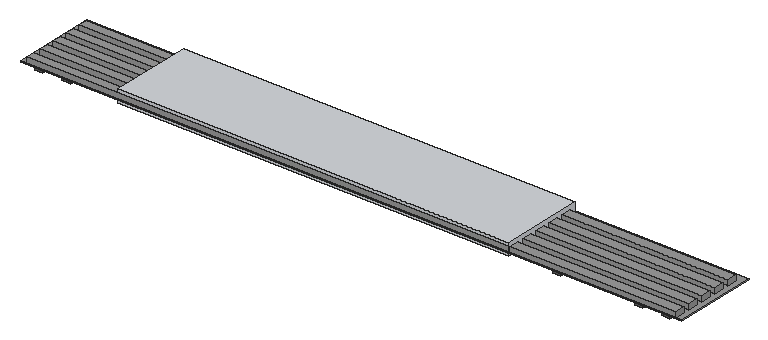
Revit family "2112-5, Solid", category Generic Models, host Face, Revit 2020
Family settings
  Host = Face
  Can host rebar = No
  Round Connector Dimension = Use Diameter
  Part Type = Normal
  Cut with Voids When Loaded = No
  Shared = No
  Room Calculation Point = No
Parameters
  min_value [instance] = 1' - 11 1/4"  # constant formula
  max_value [instance] = 11' - 11 1/4"  # constant formula
  actual_value [instance] = if(NET LENGTH < min_value, min_value, if(NET LENGTH > max_value, max_value, NET LENGTH))  # 7' - 11 1/4"
  SCRIM MATERIAL [instance] = SCRIM
  SCRIM [instance] = yes
  NET LENGTH [instance] = 7' - 11 1/4"
  Default Elevation = 4' - 0"
  BACKER MATERIAL [instance] = BLACK-BACKERS
  .. MEMBER WIDTH [instance] = 0' - 1 3/8"  # constant formula
  .. MEMBER MATERIAL [instance] = Solid Western Hemlock
  .. MEMBER LENGTH [instance] = actual_value  # 7' - 11 1/4"
  .. MEMBER DEPTH [instance] = 0' - 0 3/4"  # constant formula
  .. MEMBER COUNT [instance] = 5  # constant formula
  IMPORTANT NOTE!!!                                                                             *Backer layout is for visualization purposes only, final layout to be determined by 9Wood. [instance] = ""
Reference planes (in)
  plane 1 "Center (Front/Back)": y = 0
  plane 2: z = 1.82209
  plane 3 "Center (Left/Right)": x = 0
Forms (in)
  Extrusion 1, solid
    sketch origin (132, -33.80483, 0) x (1, 0, 0) y (0, 1, 0)
      loop
        line (-118.625, 33.80483) -> (-61.26146, 33.80483) -> (-61.26146, 45.86733) -> (-118.625, 45.86733) -> (-118.625, 33.80483)
    from 1.82209 to 0
Dimensions and locks (in)
  aligned and locked: Extrusion 1 to plane 2
  aligned and locked: plane 3 "Center (Left/Right)" to nested 1
Nested families (in)
  nested 1: "1100 SERIES CONFIG" at (0, 2, 0), .. MEMBER DEPTH <- ".. MEMBER DEPTH", .. MEMBER LENGTH <- ".. MEMBER LENGTH", .. MEMBER WIDTH <- ".. MEMBER WIDTH", .. MEMBER MATERIAL <- ".. MEMBER MATERIAL", BACKING M MATERIAL <- "BACKER MATERIAL", SCRIM  MATERIAL <- "SCRIM MATERIAL", .. MEMBER COUNT <- ".. MEMBER COUNT", SCRIM <- "SCRIM", type "1100 SERIES CONFIG"
    with X 7' - 8", SCRIM OVERHANG 2 0' - 0 3/32", SCRIM OVERHANG 0' - 0 7/8", SCRIM LENGTH 8' - 1", SCRIM  MATERIAL SCRIM, SCRIM yes, NOMINAL LENGTH 7, N 8, Inset 6' - 0 3/8", INSET 0' - 1", INDEX 0' - 5 5/8", HALF MEMBER WIDTH 0' - 0 11/16", HALF LENGTH 3' - 11 5/8", END BACKER yes, BACKING M WIDTH 0' - 1 1/4", BACKING M OC SPACING 1' - 0", BACKING M MATERIAL BLACK-BACKERS, BACKING M LENGTH 0' - 11 7/8", BACKING M DEPTH 0' - 0 1/2", BACKING M COUNT 8, 3/16" INSET 0' - 0 3/16", .. MEMBER WIDTH 0' - 1 3/8", .. MEMBER OC SPACING 0' - 2.4", .. MEMBER MATERIAL Solid Western Hemlock, .. MEMBER LENGTH 7' - 11 1/4", .. MEMBER DEPTH 0' - 0 3/4", .. MEMBER COUNT 5
Definition of nested family "1100 SERIES CONFIG"
  Parameters (values of type "1100 SERIES CONFIG")
    X [instance] = .. MEMBER LENGTH - 0' 3 1/4"  # 5' - 5"
    SCRIM OVERHANG 2 [instance] = 0' - 0 3/32"  # constant formula
    SCRIM OVERHANG [instance] = 0' - 0 7/8"  # constant formula
    SCRIM LENGTH [instance] = .. MEMBER LENGTH + (SCRIM OVERHANG * 2)  # 5' - 10"
    SCRIM  MATERIAL [instance] = none
    SCRIM [instance] = yes
    NOMINAL LENGTH [instance] = 7
    N [instance] = if((X - (rounddown(X / 1' 0") * 1' 0")) > 1' 0", rounddown(X / 1' 0") + 2, rounddown(X / 1' 0") + 1)  # 6
    Inset [instance] = 6' - 0 3/8"  # constant formula
    INSET [instance] = 0' - 1"  # constant formula
    END BACKER [instance] = INDEX > 0' 3 5/8"  # yes
    INDEX [instance] = (.. MEMBER LENGTH - ((N - 1) * 1' 0")) / 2  # 0' - 4 1/8"
    HALF MEMBER WIDTH [instance] = .. MEMBER WIDTH / 2  # 0' - 0 5/16"
    HALF LENGTH [instance] = .. MEMBER LENGTH / 2  # 2' - 10 1/8"
    Default Elevation = 0' - 0"
    BACKING M WIDTH [instance] = 0' - 1 1/4"
    BACKING M SPACING = 3' - 3"
    BACKING M MATERIAL [instance] = none
    BACKING M LENGTH [instance] = 0' - 11 7/8"
    BACKING M DEPTH [instance] = 0' - 0 1/2"
    BACKING M COUNT [instance] = N  # 6
    BACKING M OC SPACING [instance] = 1' - 0"  # constant formula
    3/16" INSET [instance] = 0' - 0 3/16"  # constant formula
    .. MEMBER WIDTH [instance] = 0' - 0 5/8"
    .. MEMBER OC SPACING [instance] = 1' 0" / .. MEMBER COUNT  # 0' - 4"
    .. MEMBER MATERIAL [instance] = none
    .. MEMBER LENGTH [instance] = 5' - 8 1/4"
    .. MEMBER DEPTH [instance] = 0' - 1 3/8"
    .. MEMBER COUNT [instance] = 3
  Reference planes (in)
    plane 1 "Center (Front/Back)": y = -2
    plane 2: z = 0
    plane 3 "Center (Left/Right)": x = 0
    plane 4: x = 1
    plane 5: x = 4.125
    plane 6: x = 34.125
    plane 7: x = 68.25
    plane 8: x = 67.25
    plane 9: x = 16.125
    plane 10: y = -1.8125
    plane 11: y = -1.6875
    plane 12: y = 2.3125
    plane 13: x = 69.125
    plane 14: x = -0.875
    plane 15: z = 0.5
    plane 16: z = 0.5625
    plane 17: y = 10.0625
    plane 18: y = 10.15625
    plane 19: y = -2.09375
  Dimensions and locks (in)
    "INSET": plane 3 "Center (Left/Right)" to plane 4
    "INDEX": plane 3 "Center (Left/Right)" to plane 5
    "HALF LENGTH": plane 3 "Center (Left/Right)" to plane 6
    ".. MEMBER LENGTH": plane 3 "Center (Left/Right)" to plane 7
    "INSET": plane 8 to plane 7
    equal spacing: group 2, group 3, group 6, group 7, group 8, group 9  (x3)
    "3/16" INSET": plane 1 "Center (Front/Back)" to plane 10
    ".. MEMBER OC SPACING": plane 12 to plane 11
    "SCRIM OVERHANG": plane 14 to plane 3 "Center (Left/Right)"
    "SCRIM OVERHANG": plane 7 to plane 13
    equal spacing: group 1, group 4, group 5  (x2)
    equal spacing: group 5, group 4, group 1
    "HALF MEMBER WIDTH": plane 1 "Center (Front/Back)" to plane 11
    "BACKING M OC SPACING": plane 5 to plane 9
    "SCRIM OVERHANG 2": plane 18 to plane 17
    "SCRIM OVERHANG 2": plane 19 to plane 1 "Center (Front/Back)"
    aligned and locked: level to plane 2
    aligned and locked: plane 6 to nested 1
    aligned and locked: nested 2 to plane 4
    aligned and locked: plane 5 to nested 3
    aligned and locked: plane 1 "Center (Front/Back)" to nested 1
    aligned and locked: nested 2 to plane 10
    aligned and locked: nested 3 to plane 10
    aligned and locked: nested 5 to plane 10
    aligned and locked: nested 4 to plane 10
    aligned and locked: nested 6 to plane 14
    aligned and locked: plane 12 to nested 7
    aligned and locked: nested 7 to plane 3 "Center (Left/Right)"
    aligned and locked: plane 9 to nested 5
    aligned and locked: plane 8 to nested 4
    aligned and locked: plane 15 to nested 2
    aligned and locked: nested 6 to plane 15
    aligned and locked: nested 1 to plane 16
    aligned and locked: nested 7 to plane 16
    aligned and locked: nested 6 to plane 19
  Nested families (in)
    nested 1: "INSTANCE - Parametric Cube" at (34.125, -1.6875, 1.9375), Length <- ".. MEMBER WIDTH", Height <- ".. MEMBER DEPTH", Width <- ".. MEMBER LENGTH", Material <- ".. MEMBER MATERIAL", type "INSTANCE - Parametric Cube"
      with Width 5' - 8 1/4", Material none, Length 0' - 0 5/8", Height 0' - 1 3/8"
    nested 2: "2ND INSTANCE - Parametric Cube" at (1.625, 4.125, 0), Height <- "BACKING M DEPTH", Length <- "BACKING M LENGTH", Width <- "BACKING M WIDTH", Material <- "BACKING M MATERIAL", visible <- "END BACKER", type "2ND INSTANCE - Parametric Cube"
      with Width 0' - 1 1/4", Material none, Length 0' - 11 7/8", Height 0' - 0 1/2"
    nested 3: "2ND INSTANCE - Parametric Cube" at (4.125, 4.125, 0), Length <- "BACKING M LENGTH", Height <- "BACKING M DEPTH", Width <- "BACKING M WIDTH", Material <- "BACKING M MATERIAL", type "2ND INSTANCE - Parametric Cube"
      with Width 0' - 1 1/4", Material none, Length 0' - 11 7/8", Height 0' - 0 1/2"
    nested 4: "2ND INSTANCE - Parametric Cube" at (66.625, 4.125, 0), Width <- "BACKING M WIDTH", Length <- "BACKING M LENGTH", Height <- "BACKING M DEPTH", Material <- "BACKING M MATERIAL", visible <- "END BACKER", type "2ND INSTANCE - Parametric Cube"
      with Width 0' - 1 1/4", Material none, Length 0' - 11 7/8", Height 0' - 0 1/2"
    nested 5: "2ND INSTANCE - Parametric Cube" at (16.125, 4.125, 0), Length <- "BACKING M LENGTH", Height <- "BACKING M DEPTH", Width <- "BACKING M WIDTH", Material <- "BACKING M MATERIAL", type "2ND INSTANCE - Parametric Cube"
      with Width 0' - 1 1/4", Material none, Length 0' - 11 7/8", Height 0' - 0 1/2"
    nested 6: "3RD INSTANCE - Parametric Cube" at (34.125, 4.0445, 0.5), Width <- "SCRIM LENGTH", Material <- "SCRIM  MATERIAL", visible <- "SCRIM", type "3RD INSTANCE - Parametric Cube"
      with Width 5' - 10", Material none, Length 1' - 0.27649", Height 0' - 0 1/16"
    nested 7: "INSTANCE - Parametric Cube" at (34.125, 2.3125, 1.9375), Length <- ".. MEMBER WIDTH", Height <- ".. MEMBER DEPTH", Width <- ".. MEMBER LENGTH", Material <- ".. MEMBER MATERIAL", type "INSTANCE - Parametric Cube"
      with Width 5' - 8 1/4", Material none, Length 0' - 0 5/8", Height 0' - 1 3/8"
    nested 8: "INSTANCE - Parametric Cube" at (34.125, 6.3125, 1.9375), Length <- ".. MEMBER WIDTH", Height <- ".. MEMBER DEPTH", Width <- ".. MEMBER LENGTH", Material <- ".. MEMBER MATERIAL", type "INSTANCE - Parametric Cube"
      with Width 5' - 8 1/4", Material none, Length 0' - 0 5/8", Height 0' - 1 3/8"
    nested 9: "2ND INSTANCE - Parametric Cube" at (28.125, 4.125, 0), Length <- "BACKING M LENGTH", Height <- "BACKING M DEPTH", Width <- "BACKING M WIDTH", Material <- "BACKING M MATERIAL", type "2ND INSTANCE - Parametric Cube"
      with Width 0' - 1 1/4", Material none, Length 0' - 11 7/8", Height 0' - 0 1/2"
    nested 10: "2ND INSTANCE - Parametric Cube" at (40.125, 4.125, 0), Length <- "BACKING M LENGTH", Height <- "BACKING M DEPTH", Width <- "BACKING M WIDTH", Material <- "BACKING M MATERIAL", type "2ND INSTANCE - Parametric Cube"
      with Width 0' - 1 1/4", Material none, Length 0' - 11 7/8", Height 0' - 0 1/2"
    nested 11: "2ND INSTANCE - Parametric Cube" at (52.125, 4.125, 0), Length <- "BACKING M LENGTH", Height <- "BACKING M DEPTH", Width <- "BACKING M WIDTH", Material <- "BACKING M MATERIAL", type "2ND INSTANCE - Parametric Cube"
      with Width 0' - 1 1/4", Material none, Length 0' - 11 7/8", Height 0' - 0 1/2"
    nested 12: "2ND INSTANCE - Parametric Cube" at (64.125, 4.125, 0), Length <- "BACKING M LENGTH", Height <- "BACKING M DEPTH", Width <- "BACKING M WIDTH", Material <- "BACKING M MATERIAL", type "2ND INSTANCE - Parametric Cube"
      with Width 0' - 1 1/4", Material none, Length 0' - 11 7/8", Height 0' - 0 1/2"
  Definition of nested family "INSTANCE - Parametric Cube"
    Parameters (values of type "INSTANCE - Parametric Cube")
      Width [instance] = 0' - 6"
      Material [instance] = none
      Length [instance] = 1' - 0"
      Height [instance] = 1' - 6"
      Default Elevation = 0' - 0"
    Reference planes (in)
      plane 1 "Center (Front/Back)": y = 0
      plane 2: z = 0
      plane 3 "Center (Left/Right)": x = 0
      plane 4: x = -3
      plane 5: x = 3
      plane 6: y = 6
      plane 7: y = -6
      plane 8: z = -18
    Forms (in)
      Extrusion 1, solid, material <- "Material"
        sketch origin (0, 0, 0) x (1, 0, 0) y (0, 1, 0)
          loop
            line (-3, 6) -> (-3, -6) -> (3, -6) -> (3, 6) -> (-3, 6)
        from -18 to 0
    Dimensions and locks (in)
      equal spacing: plane 4, plane 3 "Center (Left/Right)", plane 5
      equal spacing: plane 6, plane 1 "Center (Front/Back)", plane 7
      "Length": plane 6 to plane 7
      "Width": plane 4 to plane 5
      "Height": plane 8 to level
      aligned and locked: plane 2 to level
      aligned and locked: Extrusion 1 sketch curve to plane 6
      aligned and locked: plane 4 to Extrusion 1 sketch curve
      aligned and locked: plane 7 to Extrusion 1 sketch curve
      aligned and locked: Extrusion 1 sketch curve to plane 5
      aligned and locked: Extrusion 1 to plane 8
  Definition of nested family "2ND INSTANCE - Parametric Cube"
    Parameters (values of type "2ND INSTANCE - Parametric Cube")
      Width [instance] = 0' - 6"
      Material [instance] = none
      Length [instance] = 1' - 0"
      Height [instance] = 1' - 6"
      Default Elevation = 0' - 0"
    Reference planes (in)
      plane 1 "Center (Front/Back)": y = 0
      plane 2: z = 0
      plane 3 "Center (Left/Right)": x = 0
      plane 4: x = -3
      plane 5: x = 3
      plane 6: y = 6
      plane 7: y = -6
      plane 8: z = 18
    Forms (in)
      Extrusion 1, solid, material <- "Material"
        sketch origin (0, 0, 0) x (1, 0, 0) y (0, 1, 0)
          loop
            line (-3, 6) -> (-3, -6) -> (3, -6) -> (3, 6) -> (-3, 6)
        from 0 to 18
    Dimensions and locks (in)
      equal spacing: plane 4, plane 3 "Center (Left/Right)", plane 5
      equal spacing: plane 6, plane 1 "Center (Front/Back)", plane 7
      "Length": plane 6 to plane 7
      "Width": plane 4 to plane 5
      "Height": level to plane 8
      aligned and locked: plane 2 to level
      aligned and locked: Extrusion 1 sketch curve to plane 6
      aligned and locked: plane 4 to Extrusion 1 sketch curve
      aligned and locked: plane 7 to Extrusion 1 sketch curve
      aligned and locked: Extrusion 1 sketch curve to plane 5
      aligned and locked: plane 8 to Extrusion 1
      aligned and locked: Extrusion 1 to level
  Definition of nested family "3RD INSTANCE - Parametric Cube"
    Parameters (values of type "3RD INSTANCE - Parametric Cube")
      Width [instance] = 0' - 6"
      Material [instance] = none
      Length [instance] = 1' - 0"
      Height [instance] = 1' - 6"
      Default Elevation = 0' - 0"
    Reference planes (in)
      plane 1 "Center (Front/Back)": y = 0
      plane 2: z = 0
      plane 3 "Center (Left/Right)": x = 0
      plane 4: x = -3
      plane 5: x = 3
      plane 6: y = 6
      plane 7: y = -6
      plane 8: z = 18
    Forms (in)
      Extrusion 1, solid, material <- "Material"
        sketch origin (0, 0, 0) x (1, 0, 0) y (0, 1, 0)
          loop
            line (-3, 6) -> (-3, -6) -> (3, -6) -> (3, 6) -> (-3, 6)
        from 0 to 18
    Dimensions and locks (in)
      equal spacing: plane 4, plane 3 "Center (Left/Right)", plane 5
      equal spacing: plane 6, plane 1 "Center (Front/Back)", plane 7
      "Length": plane 6 to plane 7
      "Width": plane 4 to plane 5
      "Height": level to plane 8
      aligned and locked: plane 2 to level
      aligned and locked: Extrusion 1 sketch curve to plane 6
      aligned and locked: plane 4 to Extrusion 1 sketch curve
      aligned and locked: plane 7 to Extrusion 1 sketch curve
      aligned and locked: Extrusion 1 sketch curve to plane 5
      aligned and locked: plane 8 to Extrusion 1
      aligned and locked: Extrusion 1 to level
